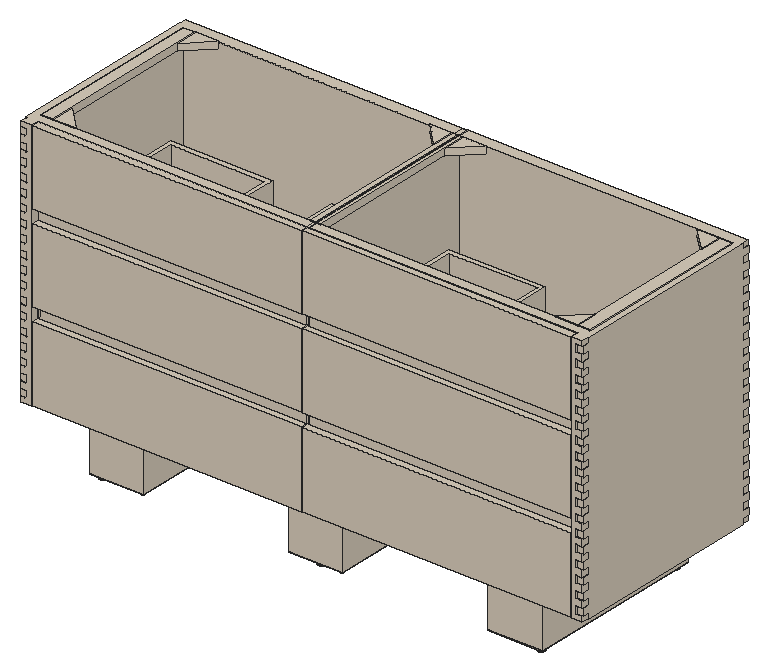
Revit family "Furniture-Floor_Mount-Vanity-KOHLER-Landshapes-K-32299", category Casework, host Face, Revit 2021
Family settings
  Host = Face
  OmniClass Number = 23.31.25.13
  OmniClass Title = Bathroom Cabinets
  Cut with Voids When Loaded = No
  Shared = No
  Room Calculation Point = No
Parameters (values of type "STT-White Oak")
  Width = 61.02362"  # constant formula
  WaterSense Certified = 1 = 0  # no
  URL = "https://www.us.kohler.com/us/"
  Type = 1
  Product Page URL = "http://www.us.kohler.com/us/catalog/productDetails.jsp?productNumber=32299"
  Product Name = "Landshapes"  # constant formula
  Product Documentation Link = "https://www.us.kohler.com/webassets/kpna/catalog/pdf/en/K-32299_spec_US-CA_Kohler_en.pdf"
  Model = if(Type = 1, "K-32299-STT", "NA")  # "K-32299-STT"
  Material = "Solid Wood"  # constant formula
  Master Format 2014 Name = "Bathroom Casework"  # constant formula
  Master Format 2014 = "12 35 30.23"  # constant formula
  Manufacturer Address = "Kohler  Co. 444 Highland Dr. Kohler, WI 53044"  # constant formula
  Manufacturer = "Kohler Co."  # constant formula
  Product Finish = Kohler-Wood-STT-White_Oak
  Height = 33.50394"  # constant formula
  Hardware Included = 1 = 0  # no
  Finish = if(Type = 1, "Kohler-Wood-STT", "NA")  # "Kohler-Wood-STT"
  Environmental Product Declaration = ""
  Description = "60 INCHES VANITY - DANIEL ARSHAM"  # constant formula
  Depth = 22.3622"  # constant formula
  Default Elevation = 0"
  Declare Label = ""
  Date Modified = "04/07/2024"  # constant formula
  Date Created = "04/07/2024"  # constant formula
  Copyright = "Copyright Kohler Co."  # constant formula
  Contact Us = "https://www.us.kohler.com/us/static/contact.jsp"
  Construction Type = "Floor Mount"  # constant formula
  Assembly Code = "E2010.30"
  ADA Compliant = 1 = 0  # no
Reference planes (in)
  plane 1 "Center (Front/Back)": y = 0
  plane 2: z = 0
  plane 3 "Center (Left/Right)": x = 0
  plane 4: y = 10.68898
  plane 5: y = -11.20079
  plane 6: x = -15.51181
  plane 7: y = -11.67323
  plane 8: z = 33.50394
  plane 9: y = 3.91732
  plane 10: y = -8.95669
  plane 11: x = -6
  plane 12: x = -11.3189
  plane 13: x = -13.89764
  plane 14: x = 6
  plane 15: x = 11.3189
  plane 16: x = 13.89764
  plane 17: z = 11.27559
  plane 18: z = 23.26772
  plane 19: z = 0.27559
  plane 20: z = 6.1811
  plane 21: y = 9.27165
  plane 22: x = 45.51181
  plane 23: x = 18.93701
  plane 24: x = 18.22835
  plane 25: x = 16.35827
  plane 26: x = 23.74409
  plane 27: x = 24.25591
  plane 28: x = 30.25591
  plane 29: x = 36.25591
  plane 30: x = 41.5748
  plane 31: x = 44.15354
Dimensions and locks (in)
  "Depth": plane 4 to plane 7
  "Height": plane 8 to level
  plane 7 to plane 9 = 15.59055"
  plane 11 to plane 14 = 12"
  plane 19 to level = 0.27559"
  plane 20 to plane 19 = 5.90551"
  plane 17 to plane 19 = 11"
  plane 18 to plane 17 = 11.99213"
  plane 21 to plane 10 = 18.22835"
  "Width": plane 6 to plane 22
  aligned and locked: plane 2 to host face
  aligned and locked: level to host face
  aligned and locked: plane 4 to nested 1
Automatic sketch dimensions
  host sketch curve to host sketch curve = 96"  (x2)
Nested families (in)
  nested 1: "K-32299" at (-0.99361, 12.32677, 0), type "K-32299"
Definition of nested family "K-32299"
  Parameters (values of type "K-32299")
    Material = none
    Depth = 24"
    Height = 33.50394"
    Width = 48"
    Default Elevation = 0"
  Reference planes (in)
    plane 1: z = 0
    plane 2 "Center (Left/Right)": x = 0.7377
    plane 3 "Left": x = -23.2623
    plane 4 "Right": x = 24.7377
    plane 5 "Front": y = -24
    plane 6 "Top": z = 33.50394
    plane 7: x = -14.5182
    plane 8: x = 15.99361
    plane 9: y = -1.6378
    plane 10: x = -13.15993
    plane 11: x = 14.63534
    plane 12: y = -8.40945
    plane 13: x = -5.2623
    plane 14: x = 6.7377
    plane 15: z = 0.27559
    plane 16: z = 6.1811
    plane 17: z = 11.27559
    plane 18: z = 23.26772
    plane 19: x = -10.58119
    plane 20: x = 12.0566
    plane 21: x = -11.28985
    plane 22: x = 12.76526
    plane 23: y = -2.38583
    plane 24: y = -21.28346
    plane 25: y = -3.05512
    plane 26: x = -14.5182
    plane 27: x = 15.99361
    plane 28 "2": x = 31.24952
    plane 29: x = 45.14715
    plane 30: x = 17.35188
    plane 31: x = 37.24952
    plane 32: x = 25.24952
    plane 33: x = 42.56841
    plane 34: x = 19.93062
    plane 35: x = 43.27707
    plane 36: x = 19.22196
    plane 37: x = 46.50542
  Forms (in)
    Sweep 1, solid, material <- "Material", detail levels medium+fine
      path origin (2.75591, 0, 0) x (1, 0, 0) y (0, 1, 0)
        loop
          line (-11.28985, -2.38583) -> (-11.28985, -22.0315) -> (-5.38434, -22.0315) -> (-5.38434, -2.38583) -> (-11.28985, -2.38583)
      profile origin (-8.53395, -12.20866, 0) x (1, 0, 0) y (0, 0, 1)
        loop
          line (0, 0.43342) -> (0.11832, 0.3151) -> (0.19685, 0.3151) -> (0.19685, 6.22082) -> (0, 6.22082) -> (0, 0.43342)
    Extrusion 2, solid, material <- "Material", detail levels medium+fine
      sketch origin (0, 0, 0) x (1, 0, 0) y (0, 1, 0)
        loop
          line (-8.3371, -21.83465) -> (-2.82529, -21.83465) -> (-2.82529, -2.58268) -> (-8.3371, -2.58268) -> (-8.3371, -21.83465)
      from 0.3151 to 6.22082
    Extrusion 3, solid, material <- "Material", detail levels medium+fine
      sketch origin (0, 0, 0) x (1, 0, 0) y (0, 1, 0)
        loop
          line (-13.27804, -24) -> (-13.27804, -23.17323) -> (16.09204, -23.17323) -> (16.09204, -1.6378) -> (15.69833, -1.6378) -> (-13.31741, -1.6378) -> (-14.5182, -1.6378) -> (-14.5182, -24) -> (-13.27804, -24)
        loop
          line (-13.77017, -22.11024) -> (15.69833, -22.11024) -> (15.69833, -2.85827) -> (-13.77017, -2.85827) -> (-13.77017, -22.11024)
      from 6.22082 to 33.46492
    Extrusion 4, void
      sketch origin (0.7377, 0, 0) x (0, 1, 0) y (0, 0, -1)
        loop
          line (-23.25197, -32.97279) -> (-24, -32.97279) -> (-24, -32.22476) -> (-23.25197, -32.22476) -> (-23.25197, -31.47673) -> (-24, -31.47673) -> (-24, -30.7287) -> (-23.25197, -30.7287) -> (-23.25197, -29.98067) -> (-24, -29.98067) -> (-24, -29.23264) -> (-23.25197, -29.23264) -> (-23.25197, -28.4846) -> (-24, -28.4846) -> (-24, -27.73657) -> (-23.25197, -27.73657) -> (-23.25197, -26.98854) -> (-24, -26.98854) -> (-24, -26.24051) -> (-23.25197, -26.24051) -> (-23.25197, -25.49248) -> (-24, -25.49248) -> (-24, -24.74445) -> (-23.25197, -24.74445) -> (-23.25197, -23.99641) -> (-24, -23.99641) -> (-24, -23.24838) -> (-23.25197, -23.24838) -> (-23.25197, -22.50035) -> (-24, -22.50035) -> (-24, -21.75232) -> (-23.25197, -21.75232) -> (-23.25197, -21.00429) -> (-24, -21.00429) -> (-24, -20.25626) -> (-23.25197, -20.25626) -> (-23.25197, -19.50823) -> (-24, -19.50823) -> (-24, -18.76019) -> (-23.25197, -18.76019) -> (-23.25197, -18.01216) -> (-24, -18.01216) -> (-24, -17.26413) -> (-23.25197, -17.26413) -> (-23.25197, -16.5161) -> (-24, -16.5161) -> (-24, -15.76807) -> (-23.25197, -15.76807) -> (-23.25197, -15.02004) -> (-24, -15.02004) -> (-24, -14.27201) -> (-23.25197, -14.27201) -> (-23.25197, -13.52397) -> (-24, -13.52397) -> (-24, -12.77594) -> (-23.25197, -12.77594) -> (-23.25197, -12.02791) -> (-24, -12.02791) -> (-24, -11.27988) -> (-23.25197, -11.27988) -> (-23.25197, -10.53185) -> (-24, -10.53185) -> (-24, -9.78382) -> (-23.25197, -9.78382) -> (-23.25197, -9.03579) -> (-24, -9.03579) -> (-24, -8.28775) -> (-23.25197, -8.28775) -> (-23.25197, -7.53972) -> (-24, -7.53972) -> (-24, -6.79169) -> (-23.25197, -6.79169) -> (-23.25197, -5.9846) -> (-24.82677, -5.9846) -> (-24.82677, -33.54366) -> (-23.25197, -33.54366) -> (-23.25197, -32.97279)
        loop
          line (-2.38583, -32.97279) -> (-2.38583, -33.54366) -> (-0.81102, -33.54366) -> (-0.81102, -5.9846) -> (-2.38583, -5.9846) -> (-2.38583, -6.79169) -> (-1.6378, -6.79169) -> (-1.6378, -7.53972) -> (-2.38583, -7.53972) -> (-2.38583, -8.28775) -> (-1.6378, -8.28775) -> (-1.6378, -9.03579) -> (-2.38583, -9.03579) -> (-2.38583, -9.78382) -> (-1.6378, -9.78382) -> (-1.6378, -10.53185) -> (-2.38583, -10.53185) -> (-2.38583, -11.27988) -> (-1.6378, -11.27988) -> (-1.6378, -12.02791) -> (-2.38583, -12.02791) -> (-2.38583, -12.77594) -> (-1.6378, -12.77594) -> (-1.6378, -13.52397) -> (-2.38583, -13.52397) -> (-2.38583, -14.27201) -> (-1.6378, -14.27201) -> (-1.6378, -15.02004) -> (-2.38583, -15.02004) -> (-2.38583, -15.76807) -> (-1.6378, -15.76807) -> (-1.6378, -16.5161) -> (-2.38583, -16.5161) -> (-2.38583, -17.26413) -> (-1.6378, -17.26413) -> (-1.6378, -18.01216) -> (-2.38583, -18.01216) -> (-2.38583, -18.76019) -> (-1.6378, -18.76019) -> (-1.6378, -19.50823) -> (-2.38583, -19.50823) -> (-2.38583, -20.25626) -> (-1.6378, -20.25626) -> (-1.6378, -21.00429) -> (-2.38583, -21.00429) -> (-2.38583, -21.75232) -> (-1.6378, -21.75232) -> (-1.6378, -22.50035) -> (-2.38583, -22.50035) -> (-2.38583, -23.24838) -> (-1.6378, -23.24838) -> (-1.6378, -23.99641) -> (-2.38583, -23.99641) -> (-2.38583, -24.74445) -> (-1.6378, -24.74445) -> (-1.6378, -25.49248) -> (-2.38583, -25.49248) -> (-2.38583, -26.24051) -> (-1.6378, -26.24051) -> (-1.6378, -26.98854) -> (-2.38583, -26.98854) -> (-2.38583, -27.73657) -> (-1.6378, -27.73657) -> (-1.6378, -28.4846) -> (-2.38583, -28.4846) -> (-2.38583, -29.23264) -> (-1.6378, -29.23264) -> (-1.6378, -29.98067) -> (-2.38583, -29.98067) -> (-2.38583, -30.7287) -> (-1.6378, -30.7287) -> (-1.6378, -31.47673) -> (-2.38583, -31.47673) -> (-2.38583, -32.22476) -> (-1.6378, -32.22476) -> (-1.6378, -32.97279) -> (-2.38583, -32.97279)
      from 15.15469 to 18.57877
    Extrusion 5, void
      sketch origin (0, -24, 0) x (1, 0, 0) y (0, 0, 1)
        loop
          line (-13.77017, 32.97279) -> (-14.5182, 32.97279) -> (-14.5182, 33.76019) -> (-15.10875, 33.76019) -> (-15.10875, 5.80744) -> (-14.5182, 5.80744) -> (-14.5182, 6.79169) -> (-13.77017, 6.79169) -> (-13.77017, 7.53972) -> (-14.5182, 7.53972) -> (-14.5182, 8.28775) -> (-13.77017, 8.28775) -> (-13.77017, 9.03579) -> (-14.5182, 9.03579) -> (-14.5182, 9.78382) -> (-13.77017, 9.78382) -> (-13.77017, 10.53185) -> (-14.5182, 10.53185) -> (-14.5182, 11.27988) -> (-13.77017, 11.27988) -> (-13.77017, 12.02791) -> (-14.5182, 12.02791) -> (-14.5182, 12.77594) -> (-13.77017, 12.77594) -> (-13.77017, 13.52397) -> (-14.5182, 13.52397) -> (-14.5182, 14.27201) -> (-13.77017, 14.27201) -> (-13.77017, 15.02004) -> (-14.5182, 15.02004) -> (-14.5182, 15.76807) -> (-13.77017, 15.76807) -> (-13.77017, 16.5161) -> (-14.5182, 16.5161) -> (-14.5182, 17.26413) -> (-13.77017, 17.26413) -> (-13.77017, 18.01216) -> (-14.5182, 18.01216) -> (-14.5182, 18.76019) -> (-13.77017, 18.76019) -> (-13.77017, 19.50823) -> (-14.5182, 19.50823) -> (-14.5182, 20.25626) -> (-13.77017, 20.25626) -> (-13.77017, 21.00429) -> (-14.5182, 21.00429) -> (-14.5182, 21.75232) -> (-13.77017, 21.75232) -> (-13.77017, 22.50035) -> (-14.5182, 22.50035) -> (-14.5182, 23.24838) -> (-13.77017, 23.24838) -> (-13.77017, 23.99641) -> (-14.5182, 23.99641) -> (-14.5182, 24.74445) -> (-13.77017, 24.74445) -> (-13.77017, 25.49248) -> (-14.5182, 25.49248) -> (-14.5182, 26.24051) -> (-13.77017, 26.24051) -> (-13.77017, 26.98854) -> (-14.5182, 26.98854) -> (-14.5182, 27.73657) -> (-13.77017, 27.73657) -> (-13.77017, 28.4846) -> (-14.5182, 28.4846) -> (-14.5182, 29.23264) -> (-13.77017, 29.23264) -> (-13.77017, 29.98067) -> (-14.5182, 29.98067) -> (-14.5182, 30.7287) -> (-13.77017, 30.7287) -> (-13.77017, 31.47673) -> (-14.5182, 31.47673) -> (-14.5182, 32.22476) -> (-13.77017, 32.22476) -> (-13.77017, 32.97279)
      from -0.03852 to 2.32553
    Extrusion 6, solid, material <- "Material", detail levels medium+fine
      sketch origin (0, -24, 0) x (1, 0, 0) y (0, 0, 1)
        loop
          line (-13.15993, 25.39405) -> (15.93456, 25.39405) -> (15.93456, 33.46492) -> (-13.15993, 33.46492) -> (-13.15993, 25.39405)
        loop
          line (15.93456, 23.93736) -> (-13.15993, 23.93736) -> (-13.15993, 15.86649) -> (15.93456, 15.86649) -> (15.93456, 23.93736)
        loop
          line (15.93456, 6.22082) -> (15.93456, 14.4098) -> (-13.15993, 14.4098) -> (-13.15993, 6.22082) -> (15.93456, 6.22082)
      from -0.82677 to -0.03852
    Extrusion 7, solid, material <- "Material", detail levels medium+fine
      sketch origin (0, 0, 0) x (1, 0, 0) y (0, 1, 0)
        loop
          line (-13.77017, -2.85827) -> (-13.77017, -22.11024) -> (15.24558, -22.11024) -> (15.24558, -2.85827) -> (-13.77017, -2.85827)
      from 6.22082 to 6.81521
    Extrusion 8, solid, material <- "Material", detail levels medium+fine
      sketch origin (0, 0, 0) x (1, 0, 0) y (0, 1, 0)
        loop
          line (15.97786, -2.85827) -> (12.94243, -2.85827) -> (15.44637, -5.3622) -> (15.44637, -22.11024) -> (15.97786, -22.11024) -> (15.97786, -2.85827)
        loop
          line (-13.77017, -22.11024) -> (-9.94733, -22.11024) -> (-12.45127, -19.6063) -> (-12.45127, -5.3622) -> (-9.94733, -2.85827) -> (-13.77017, -2.85827) -> (-13.77017, -22.11024)
      from 32.79563 to 33.50394
    Extrusion 9, void
      sketch origin (0, 0, 0) x (1, 0, 0) y (0, 1, 0)
        loop
          line (15.43591, -5.3622) -> (15.43591, -2.85827) -> (15.39386, -2.85827) -> (15.39386, -5.32016) -> (15.43591, -5.3622)
        loop
          line (15.43591, -19.6063) -> (15.39386, -19.64835) -> (15.39386, -22.11024) -> (15.43591, -22.11024) -> (15.43591, -19.6063)
        loop
          line (-12.45127, -5.3622) -> (-12.40922, -5.32016) -> (-12.40922, -2.85827) -> (-12.45127, -2.85827) -> (-12.45127, -5.3622)
        loop
          line (-12.45127, -19.6063) -> (-12.45127, -22.11024) -> (-12.40922, -22.11024) -> (-12.40922, -19.64835) -> (-12.45127, -19.6063)
      from 32.28765 to 38.28806
    Extrusion 10, solid, material <- "Material", detail levels medium+fine
      sketch origin (0, 0, 0) x (1, 0, 0) y (0, 1, 0)
        loop
          line (-2.31348, -6.08661) -> (-2.31348, -23.09449) -> (-1.91978, -23.09449) -> (-1.91978, -15.77165) -> (4.57629, -15.77165) -> (4.57629, -23.09449) -> (4.96999, -23.09449) -> (4.96999, -6.08661) -> (14.57361, -6.08661) -> (14.57361, -22.11024) -> (14.9503, -22.11024) -> (14.9503, -5.5748) -> (4.57629, -5.5748) -> (4.57629, -15.37795) -> (-1.91978, -15.37795) -> (-1.91978, -5.5748) -> (-12.88434, -5.5748) -> (-12.88434, -22.62205) -> (-12.49064, -22.62205) -> (-12.49064, -6.08661) -> (-2.31348, -6.08661)
      from 16.5161 to 23.99641
    Extrusion 11, solid, material <- "Material"
      sketch origin (0, 0, 0) x (1, 0, 0) y (0, 1, 0)
        loop
          line (14.35975, -5.5748) -> (-12.88434, -5.5748) -> (-12.88434, -23.2126) -> (-12.49064, -23.2126) -> (-12.49064, -6.08661) -> (13.7692, -6.08661) -> (13.7692, -22.70079) -> (14.35975, -22.70079) -> (14.35975, -5.5748)
      from 8.28775 to 13.94324
    Extrusion 12, solid, material <- "Material", detail levels medium+fine
      sketch origin (0, 0, 0) x (1, 0, 0) y (0, 1, 0)
        loop
          line (-12.49064, -5.5748) -> (-12.49064, -23.09449) -> (15.69833, -23.09449) -> (15.69833, -5.5748) -> (4.47786, -5.5748) -> (4.47786, -15.37795) -> (-2.0182, -15.37795) -> (-2.0182, -5.5748) -> (-12.49064, -5.5748)
      from 16.5161 to 17.14986
    Extrusion 13, solid, material <- "Material"
      sketch origin (0, 0, 0) x (1, 0, 0) y (0, 1, 0)
        loop
          line (-12.49064, -6.08661) -> (-12.49064, -23.09449) -> (13.7692, -23.09449) -> (13.7692, -6.08661) -> (-12.49064, -6.08661)
      from 8.28775 to 8.62613
    Extrusion 14, solid, detail levels medium+fine
      sketch origin (0, -24, 0) x (1, 0, 0) y (0, 0, 1)
        loop
          line (-13.08119, 15.5476) -> (-11.83316, 15.5476)
          arc (-11.83316, 15.5476) -> (-11.74964, 15.58219) -> (-11.71505, 15.66571) r 0.11811
          line (-11.71505, 15.66571) -> (-11.71505, 16.08303) -> (-12.06938, 16.08303) -> (-12.06938, 15.92555) -> (-11.79379, 15.92555) -> (-11.79379, 15.66569)
          arc (-11.79379, 15.66569) -> (-11.80532, 15.63786) -> (-11.83316, 15.62632) r 0.03937
          line (-11.83316, 15.62632) -> (-13.08119, 15.62632)
          arc (-13.08119, 15.62632) -> (-13.16471, 15.66092) -> (-13.1993, 15.74443) r 0.11811
          line (-13.1993, 15.74443) -> (-13.1993, 16.18231) -> (-13.15993, 16.22168) -> (-13.15993, 16.86059) -> (-13.27804, 16.86059) -> (-13.27804, 16.55547) -> (-13.47489, 16.55547) -> (-13.47489, 16.16177) -> (-13.27804, 16.16177) -> (-13.27804, 15.74445)
          arc (-13.27804, 15.74445) -> (-13.22039, 15.60525) -> (-13.08119, 15.5476) r 0.19685
        loop
          line (-11.69086, 15.62632) -> (-11.34043, 15.62632) -> (-11.34043, 15.69236) -> (-11.49953, 15.69236) -> (-11.49953, 15.82494) -> (-11.37413, 15.82494) -> (-11.37413, 16.1072) -> (-10.78358, 16.1072) -> (-10.78358, 16.21386) -> (-10.4477, 16.21386) -> (-10.4477, 16.44956) -> (-10.59502, 16.44956) -> (-10.59502, 16.5161) -> (-12.49064, 16.5161) -> (-12.49064, 16.1072) -> (-12.38936, 16.1072) -> (-12.38936, 15.64563) -> (-11.93681, 15.64563) -> (-11.93681, 15.91035) -> (-12.08456, 15.91035) -> (-12.08456, 16.1072) -> (-11.69086, 16.1072) -> (-11.69086, 15.62632)
        loop
          arc (14.5566, 15.5476) -> (14.6958, 15.60525) -> (14.75345, 15.74445) r 0.19685
          line (14.75345, 15.74445) -> (14.75345, 16.16177) -> (14.9503, 16.16177) -> (14.9503, 16.55547) -> (14.75345, 16.55547) -> (14.75345, 16.86059) -> (14.63534, 16.86059) -> (14.63534, 16.22168) -> (14.67471, 16.18231) -> (14.67471, 15.74443)
          arc (14.67471, 15.74443) -> (14.64012, 15.66092) -> (14.5566, 15.62632) r 0.11811
          line (14.5566, 15.62632) -> (13.30857, 15.62632)
          arc (13.30857, 15.62632) -> (13.28073, 15.63786) -> (13.2692, 15.66569) r 0.03937
          line (13.2692, 15.66569) -> (13.2692, 15.92555) -> (13.54479, 15.92555) -> (13.54479, 16.08303) -> (13.19046, 16.08303) -> (13.19046, 15.66571)
          arc (13.19046, 15.66571) -> (13.22505, 15.58219) -> (13.30857, 15.5476) r 0.11811
          line (13.30857, 15.5476) -> (14.5566, 15.5476)
        loop
          line (13.16627, 15.62632) -> (13.16627, 16.1072) -> (13.55997, 16.1072) -> (13.55997, 15.91035) -> (13.41222, 15.91035) -> (13.41222, 15.64563) -> (13.86477, 15.64563) -> (13.86477, 16.1072) -> (13.96605, 16.1072) -> (13.96605, 16.5161) -> (12.07043, 16.5161) -> (12.07043, 16.44956) -> (11.92311, 16.44956) -> (11.92311, 16.21386) -> (12.25899, 16.21386) -> (12.25899, 16.1072) -> (12.84954, 16.1072) -> (12.84954, 15.82494) -> (12.97494, 15.82494) -> (12.97494, 15.69236) -> (12.81584, 15.69236) -> (12.81584, 15.62632) -> (13.16627, 15.62632)
        loop
          line (-13.08119, 7.31925) -> (-11.83316, 7.31925)
          arc (-11.83316, 7.31925) -> (-11.74964, 7.35384) -> (-11.71505, 7.43736) r 0.11811
          line (-11.71505, 7.43736) -> (-11.71505, 7.85468) -> (-12.06938, 7.85468) -> (-12.06938, 7.6972) -> (-11.79379, 7.6972) -> (-11.79379, 7.43735)
          arc (-11.79379, 7.43735) -> (-11.80532, 7.40951) -> (-11.83316, 7.39798) r 0.03937
          line (-11.83316, 7.39798) -> (-13.08119, 7.39798)
          arc (-13.08119, 7.39798) -> (-13.16471, 7.43257) -> (-13.1993, 7.51609) r 0.11811
          line (-13.1993, 7.51609) -> (-13.1993, 7.95397) -> (-13.15993, 7.99334) -> (-13.15993, 8.63224) -> (-13.27804, 8.63224) -> (-13.27804, 8.32712) -> (-13.47489, 8.32712) -> (-13.47489, 7.93342) -> (-13.27804, 7.93342) -> (-13.27804, 7.5161)
          arc (-13.27804, 7.5161) -> (-13.22039, 7.37691) -> (-13.08119, 7.31925) r 0.19685
        loop
          line (-11.69086, 7.39798) -> (-11.34043, 7.39798) -> (-11.34043, 7.46401) -> (-11.49953, 7.46401) -> (-11.49953, 7.5966) -> (-11.37413, 7.5966) -> (-11.37413, 7.87886) -> (-10.78358, 7.87886) -> (-10.78358, 7.98551) -> (-10.4477, 7.98551) -> (-10.4477, 8.22121) -> (-10.59502, 8.22121) -> (-10.59502, 8.28775) -> (-12.49064, 8.28775) -> (-12.49064, 7.87886) -> (-12.38936, 7.87886) -> (-12.38936, 7.41729) -> (-11.93681, 7.41729) -> (-11.93681, 7.68201) -> (-12.08456, 7.68201) -> (-12.08456, 7.87886) -> (-11.69086, 7.87886) -> (-11.69086, 7.39798)
        loop
          arc (14.5566, 7.31925) -> (14.6958, 7.37691) -> (14.75345, 7.5161) r 0.19685
          line (14.75345, 7.5161) -> (14.75345, 7.93342) -> (14.9503, 7.93342) -> (14.9503, 8.32712) -> (14.75345, 8.32712) -> (14.75345, 8.63224) -> (14.63534, 8.63224) -> (14.63534, 7.99334) -> (14.67471, 7.95397) -> (14.67471, 7.51609)
          arc (14.67471, 7.51609) -> (14.64012, 7.43257) -> (14.5566, 7.39798) r 0.11811
          line (14.5566, 7.39798) -> (13.30857, 7.39798)
          arc (13.30857, 7.39798) -> (13.28073, 7.40951) -> (13.2692, 7.43735) r 0.03937
          line (13.2692, 7.43735) -> (13.2692, 7.6972) -> (13.54479, 7.6972) -> (13.54479, 7.85468) -> (13.19046, 7.85468) -> (13.19046, 7.43736)
          arc (13.19046, 7.43736) -> (13.22505, 7.35384) -> (13.30857, 7.31925) r 0.11811
          line (13.30857, 7.31925) -> (14.5566, 7.31925)
        loop
          line (13.16627, 7.39798) -> (13.16627, 7.87886) -> (13.55997, 7.87886) -> (13.55997, 7.68201) -> (13.41222, 7.68201) -> (13.41222, 7.41729) -> (13.86477, 7.41729) -> (13.86477, 7.87886) -> (13.96605, 7.87886) -> (13.96605, 8.28775) -> (12.07043, 8.28775) -> (12.07043, 8.22121) -> (11.92311, 8.22121) -> (11.92311, 7.98551) -> (12.25899, 7.98551) -> (12.25899, 7.87886) -> (12.84954, 7.87886) -> (12.84954, 7.5966) -> (12.97494, 7.5966) -> (12.97494, 7.46401) -> (12.81584, 7.46401) -> (12.81584, 7.39798) -> (13.16627, 7.39798)
      from -18.65126 to -1.37795
    Revolve 15, solid, detail levels medium+fine
      sketch origin (2.90354, -21.28346, 42.3372) x (0, 0, 1) y (-1, 0, 0)
        loop
          line (-42.3372, 10.58119) -> (-42.02188, 10.58119) -> (-42.02188, 10.97489) -> (-42.28835, 10.97489)
          arc (-42.28835, 10.97489) -> (-42.32289, 10.96059) -> (-42.3372, 10.92604) r 0.04885
          line (-42.3372, 10.92604) -> (-42.3372, 10.58119)
        axis (-42.3372, 10.58119) -> (-42.02188, 10.58119)
      angle from 0 to 360
    Revolve 16, solid, detail levels medium+fine
      sketch origin (2.95276, -3.13386, 42.3372) x (0, 0, 1) y (1, 0, 0)
        loop
          line (-42.3372, -10.58119) -> (-42.3372, -10.92604)
          arc (-42.3372, -10.92604) -> (-42.32289, -10.96059) -> (-42.28835, -10.97489) r 0.04885
          line (-42.28835, -10.97489) -> (-42.02188, -10.97489) -> (-42.02188, -10.58119) -> (-42.3372, -10.58119)
        axis (-42.3372, -10.58119) -> (-42.02188, -10.58119)
      angle from 0 to 360
    Extrusion 17, solid, material <- "Material", detail levels medium+fine
      sketch origin (24.7377, 0, 0) x (0, -1, 0) y (0, 0, 1)
        loop
          arc (17.37743, 24.24357) -> (16.99426, 23.98754) -> (16.54227, 23.89764) r 1.1811
          line (16.54227, 23.89764) -> (22.84148, 23.89764) -> (22.84148, 27.75591) -> (21.37899, 27.75591)
          arc (21.37899, 27.75591) -> (20.927, 27.666) -> (20.54383, 27.40997) r 1.1811
          line (20.54383, 27.40997) -> (17.37743, 24.24357)
      from 7.12724 to 7.60236
    Extrusion 18, solid, material <- "Material", detail levels medium+fine
      sketch origin (-23.2623, 0, 0) x (0, -1, 0) y (0, 0, -1)
        loop
          line (17.37743, -24.24357) -> (20.54383, -27.40997)
          arc (20.54383, -27.40997) -> (20.927, -27.666) -> (21.37899, -27.75591) r 1.1811
          line (21.37899, -27.75591) -> (22.84148, -27.75591) -> (22.84148, -23.89764) -> (16.54227, -23.89764)
          arc (16.54227, -23.89764) -> (16.99426, -23.98754) -> (17.37743, -24.24357) r 1.1811
      from 10.37795 to 10.77165
    Extrusion 19, solid, material <- "Material", detail levels coarse
      sketch origin (-0.09843, 0, 0) x (1, 0, 0) y (0, 1, 0)
        loop
          line (-2.31348, -6.08661) -> (-2.31348, -23.09449) -> (-1.91978, -23.09449) -> (-1.91978, -15.77165) -> (4.57629, -15.77165) -> (4.57629, -23.09449) -> (4.96999, -23.09449) -> (4.96999, -6.08661) -> (14.96731, -6.08661) -> (14.96731, -22.11024) -> (15.344, -22.11024) -> (15.344, -5.5748) -> (4.57629, -5.5748) -> (4.57629, -15.37795) -> (-1.91978, -15.37795) -> (-1.91978, -5.5748) -> (-12.88434, -5.5748) -> (-12.88434, -22.62205) -> (-12.49064, -22.62205) -> (-12.49064, -6.08661) -> (-2.31348, -6.08661)
      from 16.5161 to 23.99641
    Extrusion 20, solid, material <- "Material", detail levels coarse
      sketch origin (2.75591, 0, 0) x (1, 0, 0) y (0, 1, 0)
        loop
          line (-11.28985, -2.38583) -> (-11.28985, -22.0315) -> (-5.38434, -22.0315) -> (-5.38434, -2.38583) -> (-11.28985, -2.38583)
      from 0.3151 to 6.22082
    Extrusion 21, solid, material <- "Material", detail levels coarse
      sketch origin (0.09575, -0.07874, 0) x (1, 0, 0) y (0, 1, 0)
        loop
          line (-12.54702, -5.49606) -> (-12.54702, -23.09449) -> (15.99629, -23.09449) -> (15.99629, -5.49606) -> (4.38212, -5.49606) -> (4.38212, -15.29921) -> (-2.11395, -15.29921) -> (-2.11395, -5.49606) -> (-12.54702, -5.49606)
      from 16.5161 to 17.14986
    Extrusion 22, solid, detail levels coarse
      sketch origin (2.90354, 0, 0) x (1, 0, 0) y (0, 1, 0)
        loop
          circle (-10.58119, -3.13386) r 0.3937
        loop
          circle (-10.58119, -21.28346) r 0.3937
        loop
          circle (13.10975, -21.28346) r 0.3937
        loop
          circle (13.10975, -3.13386) r 0.3937
      from 0 to 0.43342
    Extrusion 23, solid, material <- "Material", detail levels coarse
      sketch origin (0, 0.03937, 0) x (1, 0, 0) y (0, 1, 0)
        loop
          line (-13.77017, -2.85827) -> (-13.77017, -22.11024) -> (15.50148, -22.11024) -> (15.50148, -2.85827) -> (-13.77017, -2.85827)
      from 6.22082 to 6.81521
    Sweep 24, solid, material <- "Material", detail levels medium+fine
      path origin (29.23132, 0, 0) x (-1, 0, 0) y (0, -1, 0)
        loop
          line (-11.28985, 2.38583) -> (-5.38434, 2.38583) -> (-5.38434, 22.0315) -> (-11.28985, 22.0315) -> (-11.28985, 2.38583)
      profile origin (40.52117, -12.20866, 0) x (1, 0, 0) y (0, 0, 1)
        loop
          line (0, 0.43342) -> (0, 6.22082) -> (-0.19685, 6.22082) -> (-0.19685, 0.3151) -> (-0.11832, 0.3151) -> (0, 0.43342)
    Sweep 25, solid, material <- "Material", detail levels medium+fine
      path origin (24.31102, 0, 0) x (1, 0, 0) y (0, 1, 0)
        loop
          line (-11.28985, -2.38583) -> (-11.28985, -22.0315) -> (-5.38434, -22.0315) -> (-5.38434, -2.38583) -> (-11.28985, -2.38583)
      profile origin (13.02117, -12.20866, 0) x (1, 0, 0) y (0, 0, 1)
        loop
          line (0, 0.43342) -> (0.11832, 0.3151) -> (0.19685, 0.3151) -> (0.19685, 6.22082) -> (0, 6.22082) -> (0, 0.43342)
    Extrusion 26, solid, material <- "Material", detail levels medium+fine
      sketch origin (25.98328, 0, 0) x (-1, 0, 0) y (0, -1, 0)
        loop
          line (-14.34104, 21.83465) -> (-14.34104, 2.58268) -> (-8.82922, 2.58268) -> (-8.82922, 21.83465) -> (-14.34104, 21.83465)
        loop
          line (7.25345, 2.58268) -> (12.76526, 2.58268) -> (12.76526, 21.83465) -> (7.25345, 21.83465) -> (7.25345, 2.58268)
      from 0.3151 to 6.22082
    Extrusion 27, solid, material <- "Material", detail levels medium+fine
      sketch origin (31.98722, 0, 0) x (-1, 0, 0) y (0, -1, 0)
        loop
          line (-13.27804, 24) -> (-14.5182, 24) -> (-14.5182, 1.6378) -> (-13.37647, 1.6378) -> (15.63928, 1.6378) -> (16.38731, 1.6378) -> (16.38731, 2.85827) -> (-13.77017, 2.85827) -> (-13.77017, 22.11024) -> (16.05267, 22.11024) -> (16.05267, 23.17323) -> (-13.27804, 23.17323) -> (-13.27804, 24)
      from 6.22082 to 33.46492
    Extrusion 28, void
      sketch origin (31.24952, 0, 0) x (0, 1, 0) y (0, 0, 1)
        loop
          line (-23.25197, 32.97279) -> (-23.25197, 33.54366) -> (-24.82677, 33.54366) -> (-24.82677, 5.9846) -> (-23.25197, 5.9846) -> (-23.25197, 6.79169) -> (-24, 6.79169) -> (-24, 7.53972) -> (-23.25197, 7.53972) -> (-23.25197, 8.28775) -> (-24, 8.28775) -> (-24, 9.03579) -> (-23.25197, 9.03579) -> (-23.25197, 9.78382) -> (-24, 9.78382) -> (-24, 10.53185) -> (-23.25197, 10.53185) -> (-23.25197, 11.27988) -> (-24, 11.27988) -> (-24, 12.02791) -> (-23.25197, 12.02791) -> (-23.25197, 12.77594) -> (-24, 12.77594) -> (-24, 13.52397) -> (-23.25197, 13.52397) -> (-23.25197, 14.27201) -> (-24, 14.27201) -> (-24, 15.02004) -> (-23.25197, 15.02004) -> (-23.25197, 15.76807) -> (-24, 15.76807) -> (-24, 16.5161) -> (-23.25197, 16.5161) -> (-23.25197, 17.26413) -> (-24, 17.26413) -> (-24, 18.01216) -> (-23.25197, 18.01216) -> (-23.25197, 18.76019) -> (-24, 18.76019) -> (-24, 19.50823) -> (-23.25197, 19.50823) -> (-23.25197, 20.25626) -> (-24, 20.25626) -> (-24, 21.00429) -> (-23.25197, 21.00429) -> (-23.25197, 21.75232) -> (-24, 21.75232) -> (-24, 22.50035) -> (-23.25197, 22.50035) -> (-23.25197, 23.24838) -> (-24, 23.24838) -> (-24, 23.99641) -> (-23.25197, 23.99641) -> (-23.25197, 24.74445) -> (-24, 24.74445) -> (-24, 25.49248) -> (-23.25197, 25.49248) -> (-23.25197, 26.24051) -> (-24, 26.24051) -> (-24, 26.98854) -> (-23.25197, 26.98854) -> (-23.25197, 27.73657) -> (-24, 27.73657) -> (-24, 28.4846) -> (-23.25197, 28.4846) -> (-23.25197, 29.23264) -> (-24, 29.23264) -> (-24, 29.98067) -> (-23.25197, 29.98067) -> (-23.25197, 30.7287) -> (-24, 30.7287) -> (-24, 31.47673) -> (-23.25197, 31.47673) -> (-23.25197, 32.22476) -> (-24, 32.22476) -> (-24, 32.97279) -> (-23.25197, 32.97279)
        loop
          line (-2.38583, 32.97279) -> (-1.6378, 32.97279) -> (-1.6378, 32.22476) -> (-2.38583, 32.22476) -> (-2.38583, 31.47673) -> (-1.6378, 31.47673) -> (-1.6378, 30.7287) -> (-2.38583, 30.7287) -> (-2.38583, 29.98067) -> (-1.6378, 29.98067) -> (-1.6378, 29.23264) -> (-2.38583, 29.23264) -> (-2.38583, 28.4846) -> (-1.6378, 28.4846) -> (-1.6378, 27.73657) -> (-2.38583, 27.73657) -> (-2.38583, 26.98854) -> (-1.6378, 26.98854) -> (-1.6378, 26.24051) -> (-2.38583, 26.24051) -> (-2.38583, 25.49248) -> (-1.6378, 25.49248) -> (-1.6378, 24.74445) -> (-2.38583, 24.74445) -> (-2.38583, 23.99641) -> (-1.6378, 23.99641) -> (-1.6378, 23.24838) -> (-2.38583, 23.24838) -> (-2.38583, 22.50035) -> (-1.6378, 22.50035) -> (-1.6378, 21.75232) -> (-2.38583, 21.75232) -> (-2.38583, 21.00429) -> (-1.6378, 21.00429) -> (-1.6378, 20.25626) -> (-2.38583, 20.25626) -> (-2.38583, 19.50823) -> (-1.6378, 19.50823) -> (-1.6378, 18.76019) -> (-2.38583, 18.76019) -> (-2.38583, 18.01216) -> (-1.6378, 18.01216) -> (-1.6378, 17.26413) -> (-2.38583, 17.26413) -> (-2.38583, 16.5161) -> (-1.6378, 16.5161) -> (-1.6378, 15.76807) -> (-2.38583, 15.76807) -> (-2.38583, 15.02004) -> (-1.6378, 15.02004) -> (-1.6378, 14.27201) -> (-2.38583, 14.27201) -> (-2.38583, 13.52397) -> (-1.6378, 13.52397) -> (-1.6378, 12.77594) -> (-2.38583, 12.77594) -> (-2.38583, 12.02791) -> (-1.6378, 12.02791) -> (-1.6378, 11.27988) -> (-2.38583, 11.27988) -> (-2.38583, 10.53185) -> (-1.6378, 10.53185) -> (-1.6378, 9.78382) -> (-2.38583, 9.78382) -> (-2.38583, 9.03579) -> (-1.6378, 9.03579) -> (-1.6378, 8.28775) -> (-2.38583, 8.28775) -> (-2.38583, 7.53972) -> (-1.6378, 7.53972) -> (-1.6378, 6.79169) -> (-2.38583, 6.79169) -> (-2.38583, 5.9846) -> (-0.81102, 5.9846) -> (-0.81102, 33.54366) -> (-2.38583, 33.54366) -> (-2.38583, 32.97279)
      from 15.15469 to 18.57877
    Extrusion 29, void
      sketch origin (31.98722, -24, 0) x (-1, 0, 0) y (0, 0, -1)
        loop
          line (-13.77017, -32.97279) -> (-13.77017, -32.22476) -> (-14.5182, -32.22476) -> (-14.5182, -31.47673) -> (-13.77017, -31.47673) -> (-13.77017, -30.7287) -> (-14.5182, -30.7287) -> (-14.5182, -29.98067) -> (-13.77017, -29.98067) -> (-13.77017, -29.23264) -> (-14.5182, -29.23264) -> (-14.5182, -28.4846) -> (-13.77017, -28.4846) -> (-13.77017, -27.73657) -> (-14.5182, -27.73657) -> (-14.5182, -26.98854) -> (-13.77017, -26.98854) -> (-13.77017, -26.24051) -> (-14.5182, -26.24051) -> (-14.5182, -25.49248) -> (-13.77017, -25.49248) -> (-13.77017, -24.74445) -> (-14.5182, -24.74445) -> (-14.5182, -23.99641) -> (-13.77017, -23.99641) -> (-13.77017, -23.24838) -> (-14.5182, -23.24838) -> (-14.5182, -22.50035) -> (-13.77017, -22.50035) -> (-13.77017, -21.75232) -> (-14.5182, -21.75232) -> (-14.5182, -21.00429) -> (-13.77017, -21.00429) -> (-13.77017, -20.25626) -> (-14.5182, -20.25626) -> (-14.5182, -19.50823) -> (-13.77017, -19.50823) -> (-13.77017, -18.76019) -> (-14.5182, -18.76019) -> (-14.5182, -18.01216) -> (-13.77017, -18.01216) -> (-13.77017, -17.26413) -> (-14.5182, -17.26413) -> (-14.5182, -16.5161) -> (-13.77017, -16.5161) -> (-13.77017, -15.76807) -> (-14.5182, -15.76807) -> (-14.5182, -15.02004) -> (-13.77017, -15.02004) -> (-13.77017, -14.27201) -> (-14.5182, -14.27201) -> (-14.5182, -13.52397) -> (-13.77017, -13.52397) -> (-13.77017, -12.77594) -> (-14.5182, -12.77594) -> (-14.5182, -12.02791) -> (-13.77017, -12.02791) -> (-13.77017, -11.27988) -> (-14.5182, -11.27988) -> (-14.5182, -10.53185) -> (-13.77017, -10.53185) -> (-13.77017, -9.78382) -> (-14.5182, -9.78382) -> (-14.5182, -9.03579) -> (-13.77017, -9.03579) -> (-13.77017, -8.28775) -> (-14.5182, -8.28775) -> (-14.5182, -7.53972) -> (-13.77017, -7.53972) -> (-13.77017, -6.79169) -> (-14.5182, -6.79169) -> (-14.5182, -5.80744) -> (-15.10875, -5.80744) -> (-15.10875, -33.76019) -> (-14.5182, -33.76019) -> (-14.5182, -32.97279) -> (-13.77017, -32.97279)
      from -0.03852 to 2.32553
    Extrusion 30, solid, material <- "Material", detail levels medium+fine
      sketch origin (31.98722, -24, 0) x (-1, 0, 0) y (0, 0, -1)
        loop
          line (-13.15993, -25.39405) -> (-13.15993, -33.46492) -> (15.93456, -33.46492) -> (15.93456, -25.39405) -> (-13.15993, -25.39405)
        loop
          line (15.93456, -23.93736) -> (15.93456, -15.86649) -> (-13.15993, -15.86649) -> (-13.15993, -23.93736) -> (15.93456, -23.93736)
        loop
          line (15.93456, -6.22082) -> (-13.15993, -6.22082) -> (-13.15993, -14.4098) -> (15.93456, -14.4098) -> (15.93456, -6.22082)
      from -0.82677 to -0.03852
    Extrusion 31, solid, material <- "Material", detail levels medium+fine
      sketch origin (31.98722, 0, 0) x (-1, 0, 0) y (0, -1, 0)
        loop
          line (-13.77017, 2.85827) -> (15.24558, 2.85827) -> (15.24558, 22.11024) -> (-13.77017, 22.11024) -> (-13.77017, 2.85827)
      from 6.22082 to 6.81521
    Extrusion 32, solid, material <- "Material", detail levels medium+fine
      sketch origin (31.98722, 0, 0) x (-1, 0, 0) y (0, -1, 0)
        loop
          line (16.00936, 2.85827) -> (16.00936, 22.11024) -> (15.44637, 22.11024) -> (15.44637, 5.3622) -> (12.94243, 2.85827) -> (16.00936, 2.85827)
        loop
          line (-13.77017, 22.11024) -> (-13.77017, 2.85827) -> (-9.94733, 2.85827) -> (-12.45127, 5.3622) -> (-12.45127, 19.6063) -> (-9.94733, 22.11024) -> (-13.77017, 22.11024)
      from 32.79563 to 33.50394
    Extrusion 33, void
      sketch origin (31.98722, 0, 0) x (-1, 0, 0) y (0, -1, 0)
        loop
          line (15.44637, 5.3622) -> (15.40432, 5.32016) -> (15.40432, 2.85827) -> (15.44637, 2.85827) -> (15.44637, 5.3622)
        loop
          line (15.44637, 19.6063) -> (15.44637, 22.11024) -> (15.40432, 22.11024) -> (15.40432, 19.64835) -> (15.44637, 19.6063)
        loop
          line (-12.45127, 5.3622) -> (-12.45127, 2.85827) -> (-12.40922, 2.85827) -> (-12.40922, 5.32016) -> (-12.45127, 5.3622)
        loop
          line (-12.45127, 19.6063) -> (-12.40922, 19.64835) -> (-12.40922, 22.11024) -> (-12.45127, 22.11024) -> (-12.45127, 19.6063)
      from 32.28765 to 38.28806
    Extrusion 34, solid, material <- "Material", detail levels medium+fine
      sketch origin (31.98722, 0, 0) x (-1, 0, 0) y (0, -1, 0)
        loop
          line (-2.51033, 6.08661) -> (-12.49064, 6.08661) -> (-12.49064, 22.62205) -> (-12.88434, 22.62205) -> (-12.88434, 5.5748) -> (-2.11663, 5.5748) -> (-2.11663, 15.37795) -> (4.37944, 15.37795) -> (4.37944, 5.5748) -> (14.75345, 5.5748) -> (14.75345, 22.11024) -> (14.37676, 22.11024) -> (14.37676, 6.08661) -> (4.77314, 6.08661) -> (4.77314, 23.09449) -> (4.37944, 23.09449) -> (4.37944, 15.77165) -> (-2.11663, 15.77165) -> (-2.11663, 23.09449) -> (-2.51033, 23.09449) -> (-2.51033, 6.08661)
      from 16.5161 to 23.99641
    Extrusion 35, solid, material <- "Material"
      sketch origin (31.98722, 0, 0) x (-1, 0, 0) y (0, -1, 0)
        loop
          line (14.35975, 5.5748) -> (14.35975, 22.70079) -> (13.7692, 22.70079) -> (13.7692, 6.08661) -> (-12.49064, 6.08661) -> (-12.49064, 23.2126) -> (-12.88434, 23.2126) -> (-12.88434, 5.5748) -> (14.35975, 5.5748)
      from 8.28775 to 13.94324
    Extrusion 36, solid, material <- "Material", detail levels medium+fine
      sketch origin (31.98722, 0, 0) x (-1, 0, 0) y (0, -1, 0)
        loop
          line (-12.49064, 5.61417) -> (-2.0182, 5.61417) -> (-2.0182, 15.37795) -> (4.47786, 15.37795) -> (4.47786, 5.61417) -> (15.89519, 5.61417) -> (15.89519, 23.09449) -> (-12.49064, 23.09449) -> (-12.49064, 5.61417)
      from 16.5161 to 17.14986
    Extrusion 37, solid, material <- "Material"
      sketch origin (31.98722, 0, 0) x (-1, 0, 0) y (0, -1, 0)
        loop
          line (-12.49064, 6.08661) -> (13.7692, 6.08661) -> (13.7692, 23.09449) -> (-12.49064, 23.09449) -> (-12.49064, 6.08661)
      from 8.28775 to 8.62613
    Extrusion 38, solid, detail levels medium+fine
      sketch origin (31.98722, -24, 0) x (-1, 0, 0) y (0, 0, -1)
        loop
          arc (-13.08119, -15.5476) -> (-13.22039, -15.60525) -> (-13.27804, -15.74445) r 0.19685
          line (-13.27804, -15.74445) -> (-13.27804, -16.16177) -> (-13.47489, -16.16177) -> (-13.47489, -16.55547) -> (-13.27804, -16.55547) -> (-13.27804, -16.86059) -> (-13.15993, -16.86059) -> (-13.15993, -16.22168) -> (-13.1993, -16.18231) -> (-13.1993, -15.74443)
          arc (-13.1993, -15.74443) -> (-13.16471, -15.66092) -> (-13.08119, -15.62632) r 0.11811
          line (-13.08119, -15.62632) -> (-11.83316, -15.62632)
          arc (-11.83316, -15.62632) -> (-11.80532, -15.63786) -> (-11.79379, -15.66569) r 0.03937
          line (-11.79379, -15.66569) -> (-11.79379, -15.92555) -> (-12.06938, -15.92555) -> (-12.06938, -16.08303) -> (-11.71505, -16.08303) -> (-11.71505, -15.66571)
          arc (-11.71505, -15.66571) -> (-11.74964, -15.58219) -> (-11.83316, -15.5476) r 0.11811
          line (-11.83316, -15.5476) -> (-13.08119, -15.5476)
        loop
          line (-11.69086, -15.62632) -> (-11.69086, -16.1072) -> (-12.08456, -16.1072) -> (-12.08456, -15.91035) -> (-11.93681, -15.91035) -> (-11.93681, -15.64563) -> (-12.38936, -15.64563) -> (-12.38936, -16.1072) -> (-12.49064, -16.1072) -> (-12.49064, -16.5161) -> (-10.59502, -16.5161) -> (-10.59502, -16.44956) -> (-10.4477, -16.44956) -> (-10.4477, -16.21386) -> (-10.78358, -16.21386) -> (-10.78358, -16.1072) -> (-11.37413, -16.1072) -> (-11.37413, -15.82494) -> (-11.49953, -15.82494) -> (-11.49953, -15.69236) -> (-11.34043, -15.69236) -> (-11.34043, -15.62632) -> (-11.69086, -15.62632)
        loop
          line (14.5566, -15.5476) -> (13.30857, -15.5476)
          arc (13.30857, -15.5476) -> (13.22505, -15.58219) -> (13.19046, -15.66571) r 0.11811
          line (13.19046, -15.66571) -> (13.19046, -16.08303) -> (13.54479, -16.08303) -> (13.54479, -15.92555) -> (13.2692, -15.92555) -> (13.2692, -15.66569)
          arc (13.2692, -15.66569) -> (13.28073, -15.63786) -> (13.30857, -15.62632) r 0.03937
          line (13.30857, -15.62632) -> (14.5566, -15.62632)
          arc (14.5566, -15.62632) -> (14.64012, -15.66092) -> (14.67471, -15.74443) r 0.11811
          line (14.67471, -15.74443) -> (14.67471, -16.18231) -> (14.63534, -16.22168) -> (14.63534, -16.86059) -> (14.75345, -16.86059) -> (14.75345, -16.55547) -> (14.9503, -16.55547) -> (14.9503, -16.16177) -> (14.75345, -16.16177) -> (14.75345, -15.74445)
          arc (14.75345, -15.74445) -> (14.6958, -15.60525) -> (14.5566, -15.5476) r 0.19685
        loop
          line (13.16627, -15.62632) -> (12.81584, -15.62632) -> (12.81584, -15.69236) -> (12.97494, -15.69236) -> (12.97494, -15.82494) -> (12.84954, -15.82494) -> (12.84954, -16.1072) -> (12.25899, -16.1072) -> (12.25899, -16.21386) -> (11.92311, -16.21386) -> (11.92311, -16.44956) -> (12.07043, -16.44956) -> (12.07043, -16.5161) -> (13.96605, -16.5161) -> (13.96605, -16.1072) -> (13.86477, -16.1072) -> (13.86477, -15.64563) -> (13.41222, -15.64563) -> (13.41222, -15.91035) -> (13.55997, -15.91035) -> (13.55997, -16.1072) -> (13.16627, -16.1072) -> (13.16627, -15.62632)
        loop
          arc (-13.08119, -7.31925) -> (-13.22039, -7.37691) -> (-13.27804, -7.5161) r 0.19685
          line (-13.27804, -7.5161) -> (-13.27804, -7.93342) -> (-13.47489, -7.93342) -> (-13.47489, -8.32712) -> (-13.27804, -8.32712) -> (-13.27804, -8.63224) -> (-13.15993, -8.63224) -> (-13.15993, -7.99334) -> (-13.1993, -7.95397) -> (-13.1993, -7.51609)
          arc (-13.1993, -7.51609) -> (-13.16471, -7.43257) -> (-13.08119, -7.39798) r 0.11811
          line (-13.08119, -7.39798) -> (-11.83316, -7.39798)
          arc (-11.83316, -7.39798) -> (-11.80532, -7.40951) -> (-11.79379, -7.43735) r 0.03937
          line (-11.79379, -7.43735) -> (-11.79379, -7.6972) -> (-12.06938, -7.6972) -> (-12.06938, -7.85468) -> (-11.71505, -7.85468) -> (-11.71505, -7.43736)
          arc (-11.71505, -7.43736) -> (-11.74964, -7.35384) -> (-11.83316, -7.31925) r 0.11811
          line (-11.83316, -7.31925) -> (-13.08119, -7.31925)
        loop
          line (-11.69086, -7.39798) -> (-11.69086, -7.87886) -> (-12.08456, -7.87886) -> (-12.08456, -7.68201) -> (-11.93681, -7.68201) -> (-11.93681, -7.41729) -> (-12.38936, -7.41729) -> (-12.38936, -7.87886) -> (-12.49064, -7.87886) -> (-12.49064, -8.28775) -> (-10.59502, -8.28775) -> (-10.59502, -8.22121) -> (-10.4477, -8.22121) -> (-10.4477, -7.98551) -> (-10.78358, -7.98551) -> (-10.78358, -7.87886) -> (-11.37413, -7.87886) -> (-11.37413, -7.5966) -> (-11.49953, -7.5966) -> (-11.49953, -7.46401) -> (-11.34043, -7.46401) -> (-11.34043, -7.39798) -> (-11.69086, -7.39798)
        loop
          line (14.5566, -7.31925) -> (13.30857, -7.31925)
          arc (13.30857, -7.31925) -> (13.22505, -7.35384) -> (13.19046, -7.43736) r 0.11811
          line (13.19046, -7.43736) -> (13.19046, -7.85468) -> (13.54479, -7.85468) -> (13.54479, -7.6972) -> (13.2692, -7.6972) -> (13.2692, -7.43735)
          arc (13.2692, -7.43735) -> (13.28073, -7.40951) -> (13.30857, -7.39798) r 0.03937
          line (13.30857, -7.39798) -> (14.5566, -7.39798)
          arc (14.5566, -7.39798) -> (14.64012, -7.43257) -> (14.67471, -7.51609) r 0.11811
          line (14.67471, -7.51609) -> (14.67471, -7.95397) -> (14.63534, -7.99334) -> (14.63534, -8.63224) -> (14.75345, -8.63224) -> (14.75345, -8.32712) -> (14.9503, -8.32712) -> (14.9503, -7.93342) -> (14.75345, -7.93342) -> (14.75345, -7.5161)
          arc (14.75345, -7.5161) -> (14.6958, -7.37691) -> (14.5566, -7.31925) r 0.19685
        loop
          line (13.16627, -7.39798) -> (12.81584, -7.39798) -> (12.81584, -7.46401) -> (12.97494, -7.46401) -> (12.97494, -7.5966) -> (12.84954, -7.5966) -> (12.84954, -7.87886) -> (12.25899, -7.87886) -> (12.25899, -7.98551) -> (11.92311, -7.98551) -> (11.92311, -8.22121) -> (12.07043, -8.22121) -> (12.07043, -8.28775) -> (13.96605, -8.28775) -> (13.96605, -7.87886) -> (13.86477, -7.87886) -> (13.86477, -7.41729) -> (13.41222, -7.41729) -> (13.41222, -7.68201) -> (13.55997, -7.68201) -> (13.55997, -7.87886) -> (13.16627, -7.87886) -> (13.16627, -7.39798)
      from -18.65126 to -1.37795
    Revolve 39, solid, detail levels medium+fine
      sketch origin (29.23132, -21.28346, 42.3372) x (0, 0, 1) y (-1, 0, 0)
        loop
          line (-42.3372, -10.58119) -> (-42.3372, -10.92604)
          arc (-42.3372, -10.92604) -> (-42.32289, -10.96059) -> (-42.28835, -10.97489) r 0.04885
          line (-42.28835, -10.97489) -> (-42.02188, -10.97489) -> (-42.02188, -10.58119) -> (-42.3372, -10.58119)
        axis (-42.3372, -10.58119) -> (-42.02188, -10.58119)
      angle from 0 to 360
    Revolve 40, solid, detail levels medium+fine
      sketch origin (29.23132, -3.13386, 42.3372) x (0, 0, 1) y (1, 0, 0)
        loop
          line (-42.3372, 10.58119) -> (-42.02188, 10.58119) -> (-42.02188, 10.97489) -> (-42.28835, 10.97489)
          arc (-42.28835, 10.97489) -> (-42.32289, 10.96059) -> (-42.3372, 10.92604) r 0.04885
          line (-42.3372, 10.92604) -> (-42.3372, 10.58119)
        axis (-42.3372, 10.58119) -> (-42.02188, 10.58119)
      angle from 0 to 360
    Revolve 41, solid, detail levels medium+fine
      sketch origin (26.5748, -21.28346, 42.3372) x (0, 0, 1) y (-1, 0, 0)
        loop
          line (-42.3372, 10.58119) -> (-42.02188, 10.58119) -> (-42.02188, 10.97489) -> (-42.28835, 10.97489)
          arc (-42.28835, 10.97489) -> (-42.32289, 10.96059) -> (-42.3372, 10.92604) r 0.04885
          line (-42.3372, 10.92604) -> (-42.3372, 10.58119)
        axis (-42.3372, 10.58119) -> (-42.02188, 10.58119)
      angle from 0 to 360
    Revolve 42, solid, detail levels medium+fine
      sketch origin (26.5748, -3.13386, 42.3372) x (0, 0, 1) y (1, 0, 0)
        loop
          line (-42.3372, -10.58119) -> (-42.3372, -10.92604)
          arc (-42.3372, -10.92604) -> (-42.32289, -10.96059) -> (-42.28835, -10.97489) r 0.04885
          line (-42.28835, -10.97489) -> (-42.02188, -10.97489) -> (-42.02188, -10.58119) -> (-42.3372, -10.58119)
        axis (-42.3372, -10.58119) -> (-42.02188, -10.58119)
      angle from 0 to 360
    Extrusion 43, solid, material <- "Material", detail levels medium+fine
      sketch origin (55.24952, 0, 0) x (0, -1, 0) y (0, 0, 1)
        loop
          arc (17.37743, 24.24357) -> (16.99426, 23.98754) -> (16.54227, 23.89764) r 1.1811
          line (16.54227, 23.89764) -> (22.84148, 23.89764) -> (22.84148, 27.75591) -> (21.37899, 27.75591)
          arc (21.37899, 27.75591) -> (20.927, 27.666) -> (20.54383, 27.40997) r 1.1811
          line (20.54383, 27.40997) -> (17.37743, 24.24357)
      from 10.37795 to 10.77165
    Extrusion 44, solid, material <- "Material", detail levels coarse
      sketch origin (32.08565, 0, 0) x (-1, 0, 0) y (0, -1, 0)
        loop
          line (-2.31348, 6.08661) -> (-12.49064, 6.08661) -> (-12.49064, 22.62205) -> (-12.88434, 22.62205) -> (-12.88434, 5.5748) -> (-1.91978, 5.5748) -> (-1.91978, 15.37795) -> (4.57629, 15.37795) -> (4.57629, 5.5748) -> (14.9503, 5.5748) -> (14.9503, 22.11024) -> (14.57361, 22.11024) -> (14.57361, 6.08661) -> (4.96999, 6.08661) -> (4.96999, 23.09449) -> (4.57629, 23.09449) -> (4.57629, 15.77165) -> (-1.91978, 15.77165) -> (-1.91978, 23.09449) -> (-2.31348, 23.09449) -> (-2.31348, 6.08661)
      from 16.5161 to 23.99641
    Extrusion 45, solid, material <- "Material", detail levels coarse
      sketch origin (25.90454, 0, 0) x (-1, 0, 0) y (0, -1, 0)
        loop
          line (-14.57726, 2.38583) -> (-8.67174, 2.38583) -> (-8.67174, 22.0315) -> (-14.57726, 22.0315) -> (-14.57726, 2.38583)
        loop
          line (6.85975, 2.38583) -> (12.76526, 2.38583) -> (12.76526, 22.0315) -> (6.85975, 22.0315) -> (6.85975, 2.38583)
      from 0.3151 to 6.22082
    Extrusion 46, solid, material <- "Material", detail levels coarse
      sketch origin (31.89147, -0.07874, 0) x (-1, 0, 0) y (0, -1, 0)
        loop
          line (-12.54702, 5.49606) -> (-2.11395, 5.49606) -> (-2.11395, 15.29921) -> (4.38212, 15.29921) -> (4.38212, 5.49606) -> (15.40574, 5.49606) -> (15.40574, 23.09449) -> (-12.54702, 23.09449) -> (-12.54702, 5.49606)
      from 16.5161 to 17.14986
    Extrusion 47, solid, detail levels coarse
      sketch origin (28.0699, 0, 0) x (-1, 0, 0) y (0, -1, 0)
        loop
          circle (-11.68096, 3.13386) r 0.3937
        loop
          circle (-11.68096, 21.28346) r 0.3937
        loop
          circle (12.0566, 21.28346) r 0.3937
        loop
          circle (12.0566, 3.13386) r 0.3937
      from 0 to 0.43342
    Extrusion 48, solid, material <- "Material", detail levels coarse
      sketch origin (31.98722, 0.03937, 0) x (-1, 0, 0) y (0, -1, 0)
        loop
          line (-13.77017, 2.85827) -> (15.50148, 2.85827) -> (15.50148, 22.11024) -> (-13.77017, 22.11024) -> (-13.77017, 2.85827)
      from 6.22082 to 6.81521
    Extrusion 49, solid, material <- "Material", detail levels medium+fine
      sketch origin (4.53298, 0, 0) x (0, -1, 0) y (0, 0, -1)
        loop
          line (17.37743, -24.24357) -> (20.54383, -27.40997)
          arc (20.54383, -27.40997) -> (20.927, -27.666) -> (21.37899, -27.75591) r 1.1811
          line (21.37899, -27.75591) -> (22.84148, -27.75591) -> (22.84148, -23.89764) -> (16.54227, -23.89764)
          arc (16.54227, -23.89764) -> (16.99426, -23.98754) -> (17.37743, -24.24357) r 1.1811
      from 10.04063 to 10.41732
    Extrusion 50, solid, material <- "Material", detail levels medium+fine
      sketch origin (8.94243, 0, 0) x (0, -1, 0) y (0, 0, 1)
        loop
          arc (17.37743, 24.24357) -> (16.99426, 23.98754) -> (16.54227, 23.89764) r 1.1811
          line (16.54227, 23.89764) -> (22.84148, 23.89764) -> (22.84148, 27.75591) -> (21.37899, 27.75591)
          arc (21.37899, 27.75591) -> (20.927, 27.666) -> (20.54383, 27.40997) r 1.1811
          line (20.54383, 27.40997) -> (17.37743, 24.24357)
      from 21.3937 to 22.10236
    Extrusion 51, solid, material <- "Material", detail levels coarse
      sketch origin (31.94785, 0.03937, 0) x (-1, 0, 0) y (0, -1, 0)
        loop
          line (-13.27804, 24) -> (-14.5182, 24) -> (-14.5182, 1.6378) -> (-13.37647, 1.6378) -> (15.63928, 1.6378) -> (16.38731, 1.6378) -> (16.38731, 2.85827) -> (-13.77017, 2.85827) -> (-13.77017, 22.11024) -> (16.05267, 22.11024) -> (16.05267, 23.17323) -> (-13.27804, 23.17323) -> (-13.27804, 24)
      from 6.22082 to 33.46492
    Extrusion 52, solid, material <- "Material", detail levels coarse
      sketch origin (-0.05906, 0.03937, 0) x (1, 0, 0) y (0, 1, 0)
        loop
          line (-13.27804, -24) -> (-13.27804, -23.17323) -> (16.09204, -23.17323) -> (16.09204, -1.6378) -> (15.69833, -1.6378) -> (-13.31741, -1.6378) -> (-14.5182, -1.6378) -> (-14.5182, -24) -> (-13.27804, -24)
        loop
          line (-13.77017, -22.11024) -> (15.69833, -22.11024) -> (15.69833, -2.85827) -> (-13.77017, -2.85827) -> (-13.77017, -22.11024)
      from 6.22082 to 33.46492
    Extrusion 53, solid, material <- "Material", detail levels coarse
      sketch origin (0.03937, -23.72356, 0) x (1, 0, 0) y (0, 0, 1)
        loop
          line (-13.15993, 25.39405) -> (15.93456, 25.39405) -> (15.93456, 33.46492) -> (-13.15993, 33.46492) -> (-13.15993, 25.39405)
        loop
          line (15.93456, 23.93736) -> (-13.15993, 23.93736) -> (-13.15993, 15.86649) -> (15.93456, 15.86649) -> (15.93456, 23.93736)
        loop
          line (15.93456, 6.22082) -> (15.93456, 14.4098) -> (-13.15993, 14.4098) -> (-13.15993, 6.22082) -> (15.93456, 6.22082)
      from -0.82677 to -0.03852
    Extrusion 54, solid, material <- "Material", detail levels coarse
      sketch origin (31.94785, -24, 0) x (-1, 0, 0) y (0, 0, -1)
        loop
          line (-13.15993, -25.39405) -> (-13.15993, -33.46492) -> (15.93456, -33.46492) -> (15.93456, -25.39405) -> (-13.15993, -25.39405)
        loop
          line (15.93456, -23.93736) -> (15.93456, -15.86649) -> (-13.15993, -15.86649) -> (-13.15993, -23.93736) -> (15.93456, -23.93736)
        loop
          line (15.93456, -6.22082) -> (-13.15993, -6.22082) -> (-13.15993, -14.4098) -> (15.93456, -14.4098) -> (15.93456, -6.22082)
      from -0.82677 to -0.03852
    Extrusion 55, solid, material <- "Material", detail levels medium+fine
      sketch origin (0, -24, 0) x (1, 0, 0) y (0, 0, 1)
        loop
          line (-13.78001, 8.85827) -> (-13.78001, 6.88976) -> (-13.03198, 6.88976) -> (-13.03198, 8.85827) -> (-13.78001, 8.85827)
        loop
          line (-13.78001, 14.48819) -> (-13.03198, 14.48819) -> (-13.03198, 16.45669) -> (-13.78001, 16.45669) -> (-13.78001, 14.48819)
        loop
          line (45.76723, 8.85827) -> (45.0192, 8.85827) -> (45.0192, 6.88976) -> (45.76723, 6.88976) -> (45.76723, 8.85827)
        loop
          line (45.76723, 14.48819) -> (45.76723, 16.45669) -> (45.0192, 16.45669) -> (45.0192, 14.48819) -> (45.76723, 14.48819)
      from -21.61417 to -0.74803
    Extrusion 56, void
      sketch origin (0, -24, 0) x (1, 0, 0) y (0, 0, 1)
        loop
          line (-1.9493, 11.88976) -> (4.54676, 11.88976) -> (4.54676, 14.48819) -> (-1.9493, 14.48819) -> (-1.9493, 11.88976)
        loop
          line (33.93652, 11.88976) -> (33.93652, 14.48819) -> (27.44046, 14.48819) -> (27.44046, 11.88976) -> (33.93652, 11.88976)
      from -18.6378 to -16.53239
    Extrusion 57, void
      sketch origin (0, -24, 0) x (1, 0, 0) y (0, 0, 1)
        loop
          line (44.87156, 27.75591) -> (44.87156, 32.08661) -> (17.13534, 32.08661) -> (17.13534, 27.75591) -> (44.87156, 27.75591)
        loop
          line (14.9503, 27.75591) -> (14.9503, 32.08661) -> (-12.88434, 32.08661) -> (-12.88434, 27.75591) -> (14.9503, 27.75591)
      from -3.74219 to -1.37795
  Cuts and joins
    joined: Sweep 1, Extrusion 2
    Extrusion 4, Extrusion 5, Extrusion 28, Extrusion 29, Extrusion 33, Extrusion 57 cuts Extrusion 3
    Extrusion 9, Extrusion 33 cuts Extrusion 8
    joined: Extrusion 10, Extrusion 17, Extrusion 18
    Extrusion 56 cuts Extrusion 11
    joined: Extrusion 11, Extrusion 13
    Extrusion 28, Extrusion 29, Extrusion 57 cuts Extrusion 27
    Extrusion 33 cuts Extrusion 32
    joined: Sweep 24, Sweep 25, Extrusion 26
    Extrusion 56 cuts Extrusion 35
    Extrusion 57 cuts Extrusion 51
    Extrusion 57 cuts Extrusion 52
  Lines and regions (in)
    Masking region 1
      outline origin (0, 0, 0) x (1, 0, 0) y (0, 1, 0)
        loop
          line (-14.5182, -1.6378) -> (-14.5182, -24) -> (-13.27804, -24) -> (-13.27804, -23.17323) -> (-12.88434, -23.17323) -> (-12.88434, -23.25197) -> (-13.15993, -23.25197) -> (-13.15993, -24) -> (45.14715, -24) -> (45.14715, -23.25197) -> (44.87156, -23.25197) -> (44.87156, -23.17323) -> (45.26526, -23.17323) -> (45.26526, -24) -> (46.50542, -24) -> (46.50542, -1.6378) -> (-14.5182, -1.6378)
    Masking region 2
      outline origin (0, -24, 0) x (1, 0, 0) y (0, 0, 1)
        loop
          line (0.7377, 33.50394) -> (-14.5182, 33.50394) -> (-14.5182, 6.1811) -> (-8.53395, 6.1811) -> (-8.53395, 0.3937) -> (-8.41584, 0.27559) -> (-8.21899, 0.27559) -> (-8.21899, 0.07607)
          arc (-8.21899, 0.07607) -> (-8.19671, 0.02228) -> (-8.14291, 0) r 0.07607
          line (-8.14291, 0) -> (-7.82529, 0) -> (-7.50766, 0)
          arc (-7.50766, 0) -> (-7.45387, 0.02228) -> (-7.43159, 0.07607) r 0.07607
          line (-7.43159, 0.07607) -> (-7.43159, 0.27559) -> (-2.74655, 0.27559) -> (-2.62844, 0.3937) -> (-2.62844, 6.1811) -> (3.49361, 6.1811) -> (13.0494, 6.1811) -> (13.0494, 0.3937) -> (13.16751, 0.27559) -> (15.59991, 0.27559) -> (15.59991, 0.07607)
          arc (15.59991, 0.07607) -> (15.62219, 0.02228) -> (15.67598, 0) r 0.07607
          line (15.67598, 0) -> (15.99361, 0) -> (16.31124, 0)
          arc (16.31124, 0) -> (16.36503, 0.02228) -> (16.38731, 0.07607) r 0.07607
